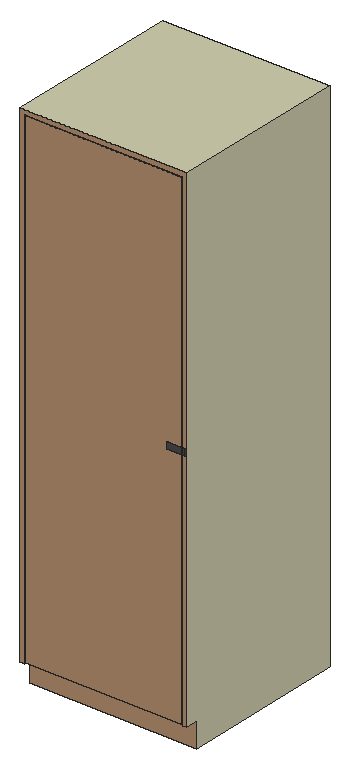
Revit family "Cabinet_Wenger_UltraStor_32", category Furniture, Revit 2015
Parameters (values of type "UltraStor Cabinet #32 - Comp Wood Doors")
  URL = "https://www.wengercorp.com/"
  Type Comments = ""
  Specification = "http://www.arcat.com/sdspecs/htm04/12_35_83wen.htm"
  Shelf Thickness = 0' - 1 1/8"
  Sales Information = "https://www.wengercorp.com/contact-us.php"
  Revision = "R1_2018-04"
  Rear Panel Thickness = 0' - 0 3/4"
  Product Data = "http://www.arcat.com/arcatcos/cos36/arc36487.html"
  Manufacturer Website = "https://www.wengercorp.com/"
  Manufacturer Phone - Toll Free = "800-4WENGER"
  Manufacturer Phone = "(507) 455-4100"
  Manufacturer Fax = "(507) 455-4258"
  Manufacturer Address = "555 Park Dr., Owatonna, MN 55060"
  Keynote = "12 35 83"
  HasDoors = yes
  Green Building-LEED = "http://www.arcat.com/green/clients/leed_data_36487.html"
  Drawn By = "Sumex Design, Inc. / Robert S. Weygant, CSI, CDT, SCIP"
  Door Width = (Cabinet Width - 0' 2 1/4") / 2  # 1' - 0 5/8"
  Door Style = Door_FullHt : Solid Door
  Door Material [instance] = Wenger Cherry (Use Cherry Edge Band Only)
  Door Height = (Cabinet Height - 0' 4 3/4") / 5  # 1' - 4.175"
  Toe Kick Material [instance] = Wenger Cherry (Use Cherry Edge Band Only)
  RH End Panel [instance] = no
  Model = "#32"
  Manufacturer = "Wenger Corporation"
  LH End Panel [instance] = no
  End Panel Material [instance] = Wenger Cherry (Use Cherry Edge Band Only)
  Edge Banding Material [instance] = Wenger Cherry (Use Cherry Edge Band Only)
  Cost = 0
  Copyright = "© 2018 Arcat Inc."
  Construction Details = "http://www.arcat.com/details/wengerco/wengerco.html?coid=36487"
  Body Material [instance] = Wenger - Oyster
  Description = "Wenger UltraStor Cabinet #32 - Comp Wood Doors"
  Cabinet Width = 2' - 3 1/2"
  Cabinet Height = 7' - 1 5/8"
  Installed Depth = 2' - 5 1/4"
  Cabinet Panel Thickness = 0' - 0 3/4"
  Assembly Code = "E2010200"
Types (4): name | Shelf Thickness | HasDoors | Door Style | Door Material | Description
  UltraStor Cabinet #32 - Comp Waterfall Grille Doors | 2' - 7.225" | yes | Door_FullHt : Waterfall | Painted Black | "Wenger UltraStor Cabinet #32 - Comp Waterfall Grille Doors"
  UltraStor Cabinet #32 - Comp Grille Doors | 0' - 1 1/8" | yes | Door_FullHt : Bars | Painted Black | "Wenger UltraStor Cabinet #32 - Comp Grille Doors"
  UltraStor Cabinet #32 - Comp Wood Doors | 0' - 1 1/8" | yes | Door_FullHt : Solid Door | Wenger Cherry (Use Cherry Edge Band Only) | "Wenger UltraStor Cabinet #32 - Comp Wood Doors"
  UltraStor Cabinet #32 - No Doors | 2' - 7.225" | no | Door_FullHt : Solid Door | none | "Wenger UltraStor Cabinet #32 - No Doors"
Reference planes (in)
  plane 1 "Front": y = 0
  plane 2: z = 0
  plane 3 "Left": x = 0
  plane 4 "Right": x = 27.5
  plane 5 "Back": y = 29.25
  plane 6 "Top": z = 85.625
  plane 7: z = 4
  plane 8: z = 68.7
  plane 9: x = 0.75
  plane 10: x = 26.75
  plane 11: z = 84.875
  plane 12: x = 13.75
  plane 13: y = 28.5
  plane 14: y = 2
  plane 15: y = 0.75
  plane 16: z = 67.575
  plane 17: z = 5.125
Forms (in)
  Extrusion 1, solid, material "Wenger - Oyster" <- "Body Material"
    sketch origin (0, 0, 0) x (0, 1, 0) y (0, 0, 1)
      loop
        line (0, 85.625) -> (0, 4) -> (2, 4) -> (2, 0) -> (29.25, 0) -> (29.25, 85.625) -> (0, 85.625)
    from 0 to 27.5
  Extrusion 2, void
    sketch origin (0, 0, 0) x (0, 1, 0) y (0, 0, 1)
      loop
        line (0, 84.875) -> (0, 4) -> (0.0625, 4) -> (0.0625, 84.875) -> (0, 84.875)
    from 0.75 to 26.75
  Extrusion 3, void
    sketch origin (0, 0, 0) x (1, 0, 0) y (0, 0, 1)
      loop
        line (0.75, 84.875) -> (0.75, 4) -> (26.75, 4) -> (26.75, 84.875) -> (0.75, 84.875)
    from -28.5 to 0
  Extrusion 4, solid, material "Metal_Black", detail levels fine
    sketch origin (0, 0, 0) x (0, 1, 0) y (0, 0, 1)
      loop
        line (14.09046, 80.875) -> (14.09046, 82.125) -> (13.46546, 82.125) -> (13.24646, 81.74568) -> (13.31074, 81.70857) -> (13.50831, 82.05078) -> (14.01624, 82.05078) -> (14.01624, 80.875) -> (14.09046, 80.875)
      loop
        line (14.09046, 44.875) -> (14.09046, 46.125) -> (13.46546, 46.125) -> (13.24646, 45.74568) -> (13.31074, 45.70857) -> (13.50831, 46.05078) -> (14.01624, 46.05078) -> (14.01624, 44.875) -> (14.09046, 44.875)
    from 0.75 to 26.75
Cuts and joins
  Extrusion 2, Extrusion 3 cuts Extrusion 1
Lines and regions (in)
  Masking region 1
    outline origin (0, 0, 0) x (1, 0, 0) y (0, 1, 0)
      loop
        line (0, 29.25) -> (0, 0) -> (27.5, 0) -> (27.5, 29.25) -> (0, 29.25)
Dimensions and locks (in)
  "Cabinet Panel Thickness": plane 3 "Left" to plane 9
  "Cabinet Panel Thickness": plane 10 to plane 4 "Right"
  "Cabinet Panel Thickness": plane 5 "Back" to plane 13
  locked: plane 1 "Front" to plane 15 at 0.75
  locked: plane 1 "Front" to plane 14 at 2
  "Shelf Thickness": plane 8 to plane 16
  "Cabinet Panel Thickness": plane 6 "Top" to plane 11
  "Shelf Thickness": plane 17 to plane 7
  "Cabinet Width": plane 3 "Left" to plane 4 "Right"
  locked: plane 7 to level at 4
  "Cabinet Height": plane 6 "Top" to level
  "Installed Depth": plane 1 "Front" to plane 5 "Back"
  plane 3 "Left" to plane 4 "Right" = 2' - 3 1/2"
  equal spacing: plane 5 "Back", nested 2, plane 1 "Front"
  plane 12 to nested 2 = 0' - 0"
  equal spacing: plane 4 "Right", plane 12, plane 3 "Left"
  "Door Height": plane 11 to plane 8
  aligned and locked: Extrusion 1 sketch curve to plane 6 "Top"
  aligned and locked: Extrusion 1 sketch curve to plane 5 "Back"
  aligned and locked: Extrusion 1 sketch curve to plane 1 "Front"
  aligned and locked: Extrusion 1 sketch curve to plane 7
  aligned and locked: Extrusion 1 sketch curve to plane 14
  aligned and locked: Extrusion 1 sketch curve to level
  aligned and locked: Extrusion 1 to plane 4 "Right"
  aligned and locked: Extrusion 1 to plane 3 "Left"
  aligned and locked: Extrusion 2 sketch curve to cut or joined group of Extrusion 1, Extrusion 2, Extrusion 3  (x2)
  aligned and locked: Extrusion 2 to plane 10
  aligned and locked: Extrusion 2 to plane 9
  aligned and locked: nested 3 to plane 9
  aligned and locked: plane 7 to cut or joined group of Extrusion 1, Extrusion 2, Extrusion 3
  aligned and locked: nested 3 to plane 7
  aligned and locked: plane 1 "Front" to nested 4
  aligned and locked: nested 4 to level
  aligned and locked: nested 4 to plane 4 "Right"
  aligned and locked: Masking region 1 sketch curve to plane 5 "Back"
  aligned and locked: Masking region 1 sketch curve to plane 1 "Front"
  aligned and locked: plane 3 "Left" to Masking region 1 sketch curve
  aligned and locked: plane 4 "Right" to Masking region 1 sketch curve
  aligned and locked: nested 3 to plane 10
  aligned and locked: plane 13 to Extrusion 3
  aligned and locked: plane 1 "Front" to Extrusion 3
  aligned and locked: Extrusion 4 to plane 10
  aligned and locked: Extrusion 4 to plane 9
  aligned and locked: Extrusion 3 sketch curve to plane 11
  aligned and locked: plane 11 to nested 3
  aligned and locked: plane 7 to Extrusion 3 sketch curve
Automatic sketch dimensions
  plane 15 to Extrusion 2 sketch curve = 0' - 0 11/16"
  Extrusion 2 sketch curve to plane 11 = 0' - 0"
  Extrusion 3 sketch curve to plane 9 = 0' - 0"
  plane 10 to Extrusion 3 sketch curve = 0' - 0"
  Extrusion 4 sketch curve to plane 14 = 0' - 11.24646"  (x2)
  Extrusion 4 sketch curve to plane 11 = 0' - 3.12932"
  Extrusion 4 sketch curve to plane 11 = 0' - 3.16643"
  Extrusion 4 sketch curve to Extrusion 4 sketch curve = 0' - 0.06428"  (x2)
  Extrusion 4 sketch curve to Extrusion 4 sketch curve = 0' - 0.219"  (x2)
  Extrusion 4 sketch curve to plane 11 = 0' - 2 211/256"
  Extrusion 4 sketch curve to Extrusion 4 sketch curve = 0' - 0.04285"
  Extrusion 4 sketch curve to Extrusion 4 sketch curve = 0' - 0.50793"  (x2)
  Extrusion 4 sketch curve to Extrusion 4 sketch curve = 0' - 0 19/256"  (x2)
  Extrusion 4 sketch curve to Extrusion 4 sketch curve = 0' - 0.83357"  (x2)
  Extrusion 4 sketch curve to plane 8 = 1' - 10.575"
  Extrusion 4 sketch curve to Extrusion 4 sketch curve = 0' - 0.3051"
Nested families (in)
  nested 1: "End Panel" at (0, 14.25, 0) x (0, -1, 0) z (0, 0, 1), End Panel Material <- "End Panel Material", visible <- "LH End Panel", Edge Banding Material <- "Edge Banding Material", type "End Panel"
    with End Panel Material Wenger Cherry (Use Cherry Edge Band Only), Edge Banding Material Wenger Cherry (Use Cherry Edge Band Only), End Panel Depth 2' - 5 1/4"
  nested 2: "Labels" at (13.75, 14.625, 0), type "Labels"
  nested 3: "Door_FullHt" at (13.75, 0, 4) x (1, 0, 0) z (0, -1, 0), type <- "Door Style", visible <- "HasDoors", type "Solid Door", detail levels medium+fine
    with vBars 24, Width 2' - 2", ToeKick Height 0' - 4", MidBar no, Height 6' - 8 7/8", HalfHt 3' - 4 3/16", BarHt 6' - 8 3/8", 2HzBars no
  nested 4: "End Panel" at (28.25, 14.25, 0) x (0, -1, 0) z (0, 0, 1), End Panel Material <- "End Panel Material", Edge Banding Material <- "Edge Banding Material", visible <- "RH End Panel", type "End Panel"
    with End Panel Material Wenger Cherry (Use Cherry Edge Band Only), Edge Banding Material Wenger Cherry (Use Cherry Edge Band Only), End Panel Depth 2' - 5 1/4"
Definition of nested family "End Panel"
  Parameters (values of type "End Panel")
    End Panel Material [instance] = none
    End Panel Height = 7' - 1 5/8"
    End Panel Depth = 1' - 9 3/4"
    Edge Banding Material [instance] = none
    Default Elevation = 4' - 0"
    Assembly Code = ""
  Reference planes (in)
    plane 1 "Center (Front/Back)": y = 0
    plane 2: z = 0
    plane 3 "Center (Left/Right)": x = 0
    plane 4: x = -15
    plane 5: x = 6.75
    plane 6: z = 4
    plane 7: x = 4.75
    plane 8: z = 85.625
    plane 9: y = -0.75
  Forms (in)
    Extrusion 1, solid, material <- "End Panel Material"
      sketch origin (0, 0, 0) x (1, 0, 0) y (0, 0, 1)
        loop
          line (-15, 85.625) -> (-15, 0) -> (4.75, 0) -> (4.75, 4) -> (6.75, 4) -> (6.75, 85.625) -> (-15, 85.625)
      from 0 to 0.75
  Lines and regions (in)
    Masking region 1, detail levels coarse+medium
      outline origin (0, 0, 0) x (1, 0, 0) y (0, 1, 0)
        loop
          line (-15, 0) -> (-15, -0.75) -> (6.75, -0.75) -> (6.75, 0) -> (-15, 0)
  Dimensions and locks (in)
    locked: plane 7 to plane 5 at 2
    locked: plane 6 to level at 4
    "End Panel Height": plane 8 to level
    "End Panel Depth": plane 5 to plane 4
    locked: plane 9 to plane 1 "Center (Front/Back)" at 0.75
    aligned and locked: plane 4 to Extrusion 1 sketch curve
    aligned and locked: level to Extrusion 1 sketch curve
    aligned and locked: plane 7 to Extrusion 1 sketch curve
    aligned and locked: plane 6 to Extrusion 1 sketch curve
    aligned and locked: Extrusion 1 sketch curve to plane 5
    aligned and locked: Extrusion 1 sketch curve to plane 8
    aligned and locked: Extrusion 1 to plane 9
    aligned and locked: Extrusion 1 to plane 1 "Center (Front/Back)"
    aligned and locked: plane 4 to Masking region 1 sketch curve
    aligned and locked: Masking region 1 sketch curve to plane 5
    aligned and locked: plane 1 "Center (Front/Back)" to Masking region 1 sketch curve
    aligned and locked: plane 9 to Masking region 1 sketch curve
Definition of nested family "Door_FullHt"
  Parameters (values of type "Waterfall")
    vBars [instance] = (Width - 0' 2") / 0' 1"  # 6
    Width [instance] = 0' - 8"
    ToeKick Height [instance] = 0' - 4"
    Thickness = 0' - 0 3/4"
    Solid Door = no
    Shelf Thickness = 0' - 0 3/4"
    Panel Thickness = 0' - 0 3/4"
    MidBar [instance] = and(Height > 3' 6", HasDoor, not(Solid Door))  # no
    Height [instance] = 1' - 2 5/8"
    HasDoor = yes
    HalfHt [instance] = Height / 2 - 0' 0 1/4"  # 0' - 7 1/16"
    Edge Banding = none
    DoorGap = 0' - 0 1/8"
    Door Finish = none
    Depth = 2' - 0"
    Default Elevation = 4' - 0"
    Bars = yes
    BarStyle = Bars : Waterfall
    BarHt [instance] = Height - 0' 0 1/2"  # 1' - 2 1/8"
    2HzBars [instance] = and(Height > 1' 6", not(Solid Door))  # no
  Types (3): name | Thickness | Solid Door | Bars | BarStyle
    Solid Door | 0' - 0 3/4" | yes | no | Bars : Waterfall
    Bars | 0' - 0 1/4" | no | yes | Bars : Straight
    Waterfall | 0' - 0 3/4" | no | yes | Bars : Waterfall
  Reference planes (in)
    plane 1 "Center (Front/Back)": y = 0
    plane 2: z = 0
    plane 3 "Center (Left/Right)": x = 0
    plane 4: x = -4
    plane 5: y = 14.625
    plane 6: x = 4
    plane 7: z = -0.75
    plane 8: x = -3.875
    plane 9: x = 3.875
    plane 10: y = 0.125
    plane 11: y = 14.5
    plane 12: y = -0.75
    plane 13 "CL Elev": y = 7.3125
    plane 14: x = -3.75
    plane 15: x = 3.75
    plane 16 "BtmRail": y = 0.25
    plane 17: y = 14.375
    plane 18: z = -0.125
    plane 19: x = -2.75
    plane 20: x = 2.75
    plane 21: y = 10.96875
    plane 22: y = 3.65625
  Forms (in)
    Extrusion 1, solid, material <- "Door Finish", visible <- "Solid Door", detail levels medium+fine
      sketch origin (0, 0, 0) x (1, 0, 0) y (0, 1, 0)
        loop
          arc (-3.75, 14.5) -> (-3.83839, 14.46339) -> (-3.875, 14.375) r 0.125
          line (-3.875, 14.375) -> (-3.875, 0.25)
          arc (-3.875, 0.25) -> (-3.83839, 0.16161) -> (-3.75, 0.125) r 0.125
          line (-3.75, 0.125) -> (3.75, 0.125)
          arc (3.75, 0.125) -> (3.83839, 0.16161) -> (3.875, 0.25) r 0.125
          line (3.875, 0.25) -> (3.875, 14.375)
          arc (3.875, 14.375) -> (3.83839, 14.46339) -> (3.75, 14.5) r 0.125
          line (3.75, 14.5) -> (-3.75, 14.5)
      from 0 to -0.75
    Sweep 2, solid, material <- "Door Finish", visible <- "Bars", detail levels medium+fine
      path origin (0, 0, 0) x (1, 0, 0) y (0, 1, 0)
        loop
          arc (-3.125, 14.5) -> (-3.65533, 14.28033) -> (-3.875, 13.75) r 0.75
          line (-3.875, 13.75) -> (-3.875, 0.875)
          arc (-3.875, 0.875) -> (-3.65533, 0.34467) -> (-3.125, 0.125) r 0.75
          line (-3.125, 0.125) -> (3.125, 0.125)
          arc (3.125, 0.125) -> (3.65533, 0.34467) -> (3.875, 0.875) r 0.75
          line (3.875, 0.875) -> (3.875, 13.75)
          arc (3.875, 13.75) -> (3.65533, 14.28033) -> (3.125, 14.5) r 0.75
          line (3.125, 14.5) -> (-3.125, 14.5)
      profile origin (0, 14.5, 0) x (0, 1, 0) y (0, 0, 1)
        loop
          circle (-0.125, -0.125) r 0.125
    Extrusion 3, solid, material <- "Door Finish", visible <- "MidBar", detail levels medium+fine
      sketch origin (0, 0, 0) x (0, 1, 0) y (0, 0, 1)
        loop
          circle (7.3125, -0.125) r 0.125
      from -3.75 to 3.75
    Extrusion 4, solid, visible <- "HasDoor", detail levels fine
      sketch origin (0, 0, 0) x (1, 0, 0) y (0, 1, 0)
        loop
          line (1.5, 7.8125) -> (1.5, 6.8125) -> (4.5, 6.8125) -> (4.5, 7.8125) -> (1.5, 7.8125)
      from 0 to 0.125
    Extrusion 5, solid, material <- "Door Finish", visible <- "2HzBars", detail levels medium+fine
      sketch origin (0, 0, 0) x (0, 1, 0) y (0, 0, 1)
        loop
          circle (10.96875, -0.125) r 0.125
        loop
          circle (3.65625, -0.125) r 0.125
      from -3.75 to 3.75
  Lines and regions (in)
    symbolic lines, visible <- "HasDoor", detail levels medium+fine
      curve 1: line (4, 0.25, 0) -> (-4, 0.25, 0)
      curve 2: line (-4, 0.25, 0) -> (-4, 0.25, 8)
      curve 3: arc (4, 0.25, 0) -> (1.65685, 0.25, 5.65685) -> (-4, 0.25, 8) r 8
    symbolic lines, visible <- "HasDoor"
      curve 4: line (3.875, 0.25, 0) -> (3.875, 0.25, -0.75)
      curve 5: line (3.875, 0.25, -0.75) -> (-3.875, 0.25, -0.75)
      curve 6: line (-3.875, 0.25, -0.75) -> (-3.875, 0.25, 0)
    symbolic lines, detail levels medium
      curve 7: line (3.875, 14.5, 0) -> (-3.875, 7.3125, 0)
      curve 8: line (-3.875, 7.3125, 0) -> (3.875, 0.125, 0)
  Dimensions and locks (in)
    "Height": plane 1 "Center (Front/Back)" to plane 5
    "Thickness": level to plane 7
    equal spacing: plane 4, plane 3 "Center (Left/Right)", plane 6
    "Width": plane 4 to plane 6
    "DoorGap": plane 5 to plane 11
    "DoorGap": plane 9 to plane 6
    "DoorGap": plane 4 to plane 8
    "DoorGap": plane 1 "Center (Front/Back)" to plane 10
    "Shelf Thickness": plane 1 "Center (Front/Back)" to plane 12
    equal spacing: plane 1 "Center (Front/Back)", plane 22, plane 13 "CL Elev", plane 21, plane 5
    locked: plane 15 to plane 9 at 0.125
    locked: plane 8 to plane 14 at 0.125
    locked: plane 11 to plane 17 at 0.125
    locked: plane 16 "BtmRail" to plane 10 at 0.125
    locked: level to plane 18 at 0.125
    plane 19 to plane 14 = 0' - 1"
    locked: plane 15 to plane 20 at 1
    Extrusion 4 sketch curve to plane 13 "CL Elev" to Extrusion 4 sketch curve = 0' - 0 1/2" locked, 0' - 0 1/2" locked
    locked: plane 6 to Extrusion 4 sketch curve at 0.5
    locked: Extrusion 4 sketch curve to plane 6 at 2.5
    locked: Extrusion 4 to level at 0.125
    equal spacing: group 1, group 3, group 4, group 5, group 6, group 2  (x3)
    equal spacing: group 7, group 9, group 10, group 11, group 12, group 8  (x2)
    equal spacing: group 8, group 12, group 11, group 10, group 9, group 7
    "Width": radius of curve 3
    aligned and locked: plane 2 to level
    aligned and locked: Extrusion 1 sketch curve to plane 11
    aligned and locked: plane 8 to Extrusion 1 sketch curve
    aligned and locked: Extrusion 1 sketch curve to plane 9
    aligned and locked: plane 10 to Extrusion 1 sketch curve
    aligned and locked: Extrusion 1 to plane 7
    aligned and locked: level to Extrusion 1
    aligned and locked: Sweep 2 sketch curve to plane 11
    aligned and locked: plane 8 to Sweep 2 sketch curve
    aligned and locked: plane 10 to Sweep 2 sketch curve
    aligned and locked: Sweep 2 sketch curve to plane 9
    aligned and locked: plane 15 to Extrusion 3
    aligned and locked: Extrusion 3 to plane 14
    aligned and locked: plane 20 to nested 2
    aligned and locked: plane 19 to nested 1
    aligned and locked: plane 21 to Extrusion 5 sketch curve
    aligned and locked: plane 18 to Extrusion 5 sketch curve  (x2)
    aligned and locked: plane 22 to Extrusion 5 sketch curve
    aligned and locked: Extrusion 5 to Extrusion 3  (x2)
    aligned and locked: plane 4 to curve 3  (x2)
    aligned and locked: level to curve 3
    aligned and locked: plane 7 to curve 5
    aligned and locked: Extrusion 1 to plane 8
    aligned and locked: plane 9 to Extrusion 1
    aligned and locked: plane 10 to curve 8
    aligned and locked: plane 9 to curve 8
    aligned and locked: plane 13 "CL Elev" to curve 8
    aligned and locked: plane 11 to curve 7
    aligned and locked: plane 9 to curve 7
    aligned and locked: plane 19 to nested 7
    aligned and locked: plane 13 "CL Elev" to nested 7
    aligned and locked: plane 20 to nested 8
    aligned and locked: plane 13 "CL Elev" to nested 8
    aligned and locked: plane 18 to nested 7
    aligned and locked: plane 18 to nested 9
  Automatic sketch dimensions
    plane 8 to Sweep 2 sketch curve = 0' - 0 3/4"  (x2)
    Sweep 2 sketch curve to plane 9 = 0' - 0 3/4"
    Sweep 2 sketch curve to Sweep 2 sketch curve = 0' - 0 3/4"
    Sweep 2 sketch curve to level = 0' - 0 1/8"
    profile plane to Sweep 2 sketch curve = 0' - 0 1/8"
    Extrusion 3 sketch curve to level = 0' - 0 1/8"
    Extrusion 3 sketch curve to plane 13 "CL Elev" = 0' - 0"
    curve 8 to plane 8 = 0' - 0"
    Extrusion 1 sketch curve to plane 14 = 0' - 0"  (x2)
    Extrusion 1 sketch curve to plane 15 = 0' - 0"  (x2)
    curve 5 to plane 9 = 0' - 0"
    curve 6 to plane 8 = 0' - 0"
    radius of Sweep 2 sketch curve = 0' - 0 1/8"
    radius of Extrusion 3 sketch curve = 0' - 0 1/8"
    radius of Extrusion 5 sketch curve = 0' - 0 1/8"  (x2)
  Nested families (in)
    nested 1: "Bars" at (-2.75, 0.25, -0.125) x (1, 0, 0) z (0, 1, 0), type <- "BarStyle", visible <- "Bars", type "Waterfall", detail levels fine
    nested 2: "Bars" at (2.75, 0.25, -0.125) x (1, 0, 0) z (0, 1, 0), type <- "BarStyle", visible <- "Bars", type "Waterfall", detail levels fine
    nested 3: "Bars" at (-1.65, 0.25, -0.125) x (1, 0, 0) z (0, 1, 0), type <- "BarStyle", visible <- "Bars", type "Waterfall", detail levels fine
    nested 4: "Bars" at (-0.55, 0.25, -0.125) x (1, 0, 0) z (0, 1, 0), type <- "BarStyle", visible <- "Bars", type "Waterfall", detail levels fine
    nested 5: "Bars" at (0.55, 0.25, -0.125) x (1, 0, 0) z (0, 1, 0), type <- "BarStyle", visible <- "Bars", type "Waterfall", detail levels fine
    nested 6: "Bars" at (1.65, 0.25, -0.125) x (1, 0, 0) z (0, 1, 0), type <- "BarStyle", visible <- "Bars", type "Waterfall", detail levels fine
    nested 7: "Bars" at (-2.75, 7.3125, -0.125) x (1, 0, 0) z (0, 1, 0), type <- "BarStyle", visible <- "Bars", type "Waterfall"
    nested 8: "Bars" at (2.75, 7.3125, -0.125) x (1, 0, 0) z (0, 1, 0), type <- "BarStyle", visible <- "Bars", type "Waterfall"
    nested 9: "Bars" at (-1.65, 7.3125, -0.125) x (1, 0, 0) z (0, 1, 0), type <- "BarStyle", visible <- "Bars", type "Waterfall"
    nested 10: "Bars" at (-0.55, 7.3125, -0.125) x (1, 0, 0) z (0, 1, 0), type <- "BarStyle", visible <- "Bars", type "Waterfall"
    nested 11: "Bars" at (0.55, 7.3125, -0.125) x (1, 0, 0) z (0, 1, 0), type <- "BarStyle", visible <- "Bars", type "Waterfall"
    nested 12: "Bars" at (1.65, 7.3125, -0.125) x (1, 0, 0) z (0, 1, 0), type <- "BarStyle", visible <- "Bars", type "Waterfall"
  Definition of nested family "Bars"
    Parameters (values of type "Straight")
      WaterFall = no
      Straight = yes
      Lateral Deviation = 0' - 1"
      Height = 0' - 7 1/16"
      Default Elevation = 4' - 0"
      Bars = none
    Types (2): name | WaterFall | Straight
      Waterfall | yes | no
      Straight | no | yes
    Reference planes (in)
      plane 1 "Center (Front/Back)": y = 0
      plane 2: z = 0
      plane 3 "Center (Left/Right)": x = 0
      plane 4: z = 7.0625
      plane 5: z = 3.53125
      plane 6: x = 0.5
      plane 7: x = -0.5
      plane 8: z = 5.29687
      plane 9: z = 1.76562
    Forms (in)
      Sweep 1, solid, material <- "Bars", visible <- "WaterFall", detail levels fine
        path origin (0, 0, 0) x (1, 0, 0) y (0, 0, 1)
          loop
            arc (0, 0) -> (0.37259, 0.8481) -> (0.5, 1.76563) r 3.36743
            arc (0.5, 1.76563) -> (0.37259, 2.68315) -> (0, 3.53125) r 3.36743
        profile origin (0.37259, 0, 0.8481) x (-0.962164, 0, 0.272471) y (0, -1, 0)
          loop
            circle (0, 0) r 0.0625
      Sweep 2, solid, material <- "Bars", visible <- "WaterFall", detail levels fine
        path origin (0, 0, 14.625) x (-1, 0, 0) y (0, 0, -1)
          loop
            arc (0, 7.5625) -> (0.37259, 8.4106) -> (0.5, 9.32812) r 3.36743
            arc (0.5, 9.32812) -> (0.37259, 10.24565) -> (0, 11.09375) r 3.36743
        profile origin (-0.37259, 0, 6.2144) x (0.962164, 0, -0.272471) y (0, -1, 0)
          loop
            circle (0, 0) r 0.0625
      Extrusion 3, solid, material <- "Bars", visible <- "Straight", detail levels fine
        sketch origin (0, 0, 0) x (1, 0, 0) y (0, 1, 0)
          loop
            circle (0, 0) r 0.0625
        from 0 to 7.0625
    Dimensions and locks (in)
      "Height": plane 4 to level
      equal spacing: plane 6, plane 3 "Center (Left/Right)", plane 7
      "Lateral Deviation": plane 6 to plane 7
      equal spacing: plane 4, plane 8, plane 5, plane 9, level
      aligned and locked: plane 2 to level
      aligned and locked: plane 3 "Center (Left/Right)" to Sweep 1 sketch curve  (x2)
      aligned and locked: level to Sweep 1 sketch curve
      aligned and locked: plane 6 to Sweep 1 sketch curve
      aligned and locked: plane 9 to Sweep 1 sketch curve
      aligned and locked: plane 4 to Sweep 2 sketch curve
      aligned and locked: plane 3 "Center (Left/Right)" to Sweep 2 sketch curve  (x2)
      aligned and locked: plane 8 to Sweep 2 sketch curve
      aligned and locked: plane 7 to Sweep 2 sketch curve
      aligned and locked: plane 5 to Sweep 2 sketch curve
      aligned and locked: plane 4 to Extrusion 3
      aligned and locked: Extrusion 3 to level
    Automatic sketch dimensions
      plane 1 "Center (Front/Back)" to Sweep 1 sketch curve = 0' - 0"
      Sweep 1 sketch curve to profile plane = 0' - 0"
      Sweep 1 sketch curve to Sweep 1 sketch curve = 0' - 0"
      Sweep 2 sketch curve to plane 1 "Center (Front/Back)" = 0' - 0"
      Sweep 2 sketch curve to profile plane = 0' - 0"
      plane 1 "Center (Front/Back)" to Extrusion 3 sketch curve = 0' - 0"
      Extrusion 3 sketch curve to plane 3 "Center (Left/Right)" = 0' - 0"
      radius of Sweep 1 sketch curve = 0' - 0 1/16"
      radius of Sweep 2 sketch curve = 0' - 0 1/16"
      radius of Extrusion 3 sketch curve = 0' - 0 1/16"
Definition of nested family "Labels"
  Parameters
    Cabinet Label = "01"
  Reference planes (in)
    plane 1: y = 0
    plane 2: x = 0
  Text (in)
    label "xxxx" at (-0.00018, 0.00754, 0), shows "Cabinet Label"
